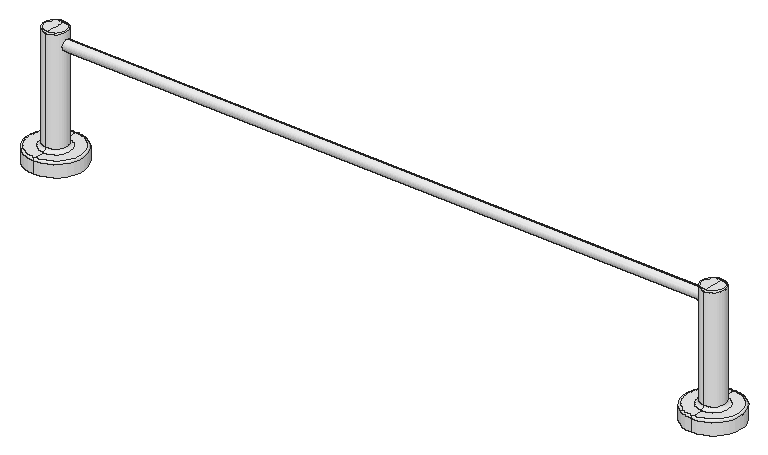
Revit family "TOwel_Bar-American_Standard-CR_Series-8336_Series", category Specialty Equipment, host Face, Revit 2019
Family settings
  Host = Face
  Round Connector Dimension = Use Diameter
  Part Type = Normal
  OmniClass Number = 23.40.20.21.27
  OmniClass Title = Towel Bars
  Cut with Voids When Loaded = No
  Shared = Yes
  Room Calculation Point = No
Parameters (values of type "8336.024")
  Width = 23.99808"
  Warranty Information = "1 Year Warranty"
  URL = "http://www.americanstandard-us.com"
  Type Comments = ""
  Revised Date = "04/01/2021"  # constant formula
  Product Page URL = "https://www.americanstandard-us.com/bathroom/bathroom-accessories/cr-series-24-inch-towel-bar-23030"
  Product Documentation Link = "https://www.americanstandard-us.com/-/media/sites/asus/files/product-specs/bulk/specsheet8336024.pdf?la=en"
  Price = "Prices may vary. Please consult Manufacturer Representative for most up-to-date price list."  # constant formula
  Model = "8336.024"
  Material = "Metal-American Standard-002-Polished Chrome"
  Manufacturer = "American Standard"
  Length = 4 3/8"
  Installation Type = "Wall Mounted"
  Installation Instruction Link = "https://www.americanstandard-us.com/-/media/sites/asus/files/product-instruction-manuals/bulk/installation8336018.pdf?la=en"
  Height = 2"
  Finish = Metal-American Standard-002-Polished Chrome
  Description = "CR Series 24\" Towel Bar."
  Default Elevation = 40"
  Creation Date = "04/04/2014"
  Assembly Code = "C1030220"
Types (3): name | Width | Product Page URL | Product Documentation Link | Model | Installation Instruction Link | Description
  (no name) | 23.99808" | "https://www.americanstandard-us.com/bathroom/bathroom-accessories/cr-series-24-inch-towel-bar-23030" | "https://www.americanstandard-us.com/-/media/sites/asus/files/product-specs/bulk/specsheet8336024.pdf?la=en" | "8336.024" | "https://www.americanstandard-us.com/-/media/sites/asus/files/product-instruction-manuals/bulk/installation8336018.pdf?la=en" | "CR Series 24\" Towel Bar."
  8336.018 | 18" | "https://www.americanstandard-us.com/bathroom/bathroom-accessories/cr-series-18-inch-towel-bar-23027" | "https://www.americanstandard-us.com/-/media/sites/asus/files/product-specs/bulk/specsheet8336018.pdf?la=en" | "8336.018" | "" | "CR Series 18\" Towel Bar."
  8336.024 | 23.99808" | "https://www.americanstandard-us.com/bathroom/bathroom-accessories/cr-series-24-inch-towel-bar-23030" | "https://www.americanstandard-us.com/-/media/sites/asus/files/product-specs/bulk/specsheet8336024.pdf?la=en" | "8336.024" | "https://www.americanstandard-us.com/-/media/sites/asus/files/product-instruction-manuals/bulk/installation8336018.pdf?la=en" | "CR Series 24\" Towel Bar."
Reference planes (in)
  plane 1 "Center (Front/Back)": y = 0
  plane 2: z = 0
  plane 3 "Center (Left/Right)": x = 0
  plane 4 "Floor Level": y = -40
  plane 5: y = 1
  plane 6: y = -1
  plane 7: x = -11.99904
  plane 8: x = 11.99904
  plane 9: z = 3.93395
Forms (in)
  Revolve 1, solid, material "Metal-American Standard-002-Polished Chrome" <- "Finish"
    sketch origin (-11.99904, 0, 0) x (0, 0, -1) y (0, -1, 0)
      loop
        line (0, 0) -> (-0.5, 0) -> (-4.375, 0) -> (-4.375, -0.38492)
        arc (-4.375, -0.38492) -> (-4.36646, -0.40553) -> (-4.34585, -0.41406) r 0.02915
        line (-4.34585, -0.41406) -> (-0.61801, -0.41406)
        arc (-0.61801, -0.41406) -> (-0.53456, -0.44863) -> (-0.5, -0.53207) r 0.11801
        line (-0.5, -0.53207) -> (-0.5, -0.93342)
        arc (-0.5, -0.93342) -> (-0.4805, -0.9805) -> (-0.43342, -1) r 0.06658
        line (-0.43342, -1) -> (0, -1) -> (0, 0)
      axis (-4.375, 0) -> (0, 0)
    angle from 0 to 360
  Revolve 2, solid, material "Metal-American Standard-002-Polished Chrome" <- "Finish"
    sketch origin (0, 0, 0) x (1, 0, 0) y (0, 0, -1)
      loop
        line (-11.99904, -4.1179) -> (11.99904, -4.1179) -> (11.99904, -3.93395) -> (-11.99904, -3.93395) -> (-11.99904, -4.1179)
      axis (11.99904, -3.93395) -> (-11.99904, -3.93395)
    angle from 0 to 360
  Revolve 3, solid, material "Metal-American Standard-002-Polished Chrome" <- "Finish"
    sketch origin (11.99904, 0, 0) x (0, 0, -1) y (0, 1, 0)
      loop
        line (0, 0) -> (0, 1) -> (-0.43342, 1)
        arc (-0.43342, 1) -> (-0.4805, 0.9805) -> (-0.5, 0.93342) r 0.06658
        line (-0.5, 0.93342) -> (-0.5, 0.53207)
        arc (-0.5, 0.53207) -> (-0.53456, 0.44863) -> (-0.61801, 0.41406) r 0.11801
        line (-0.61801, 0.41406) -> (-4.34585, 0.41406)
        arc (-4.34585, 0.41406) -> (-4.36646, 0.40553) -> (-4.375, 0.38492) r 0.02915
        line (-4.375, 0.38492) -> (-4.375, 0) -> (-0.5, 0) -> (0, 0)
      axis (-4.375, 0) -> (0, 0)
    angle from 0 to 360
Cuts and joins
  joined: Revolve 1, Revolve 2, Revolve 3
Lines and regions (in)
  Masking region 1
    outline origin (0, 0, 0) x (1, 0, 0) y (0, 0, 1)
      loop
        line (-10.99904, 0) -> (-10.99904, 0.5) -> (-11.49904, 0.5)
        arc (-11.49904, 0.5) -> (-11.55771, 0.55239) -> (-11.58688, 0.62544) r 0.17172
        line (-11.58688, 0.62544) -> (-11.58688, 3.73818) -> (11.58688, 3.73818) -> (11.58688, 0.62544)
        arc (11.58688, 0.62544) -> (11.55771, 0.55239) -> (11.49904, 0.5) r 0.17172
        line (11.49904, 0.5) -> (10.99904, 0.5) -> (10.99904, 0) -> (12.99904, 0) -> (12.99904, 0.5) -> (12.49904, 0.5)
        arc (12.49904, 0.5) -> (12.44217, 0.54164) -> (12.41103, 0.60488) r 0.14786
        line (12.41103, 0.60488) -> (12.41103, 4.38611) -> (11.56133, 4.38611) -> (11.56133, 4.13611) -> (-11.56133, 4.13611) -> (-11.56133, 4.38611) -> (-12.41103, 4.38611) -> (-12.41103, 0.60488)
        arc (-12.41103, 0.60488) -> (-12.44217, 0.54164) -> (-12.49904, 0.5) r 0.14786
        line (-12.49904, 0.5) -> (-12.99904, 0.5) -> (-12.99904, 0) -> (-10.99904, 0)
  symbolic lines, detail levels medium+fine
    curve 1: arc (-11.56133, 0, 4.13611) -> (-11.61487, 0, 3.93976) -> (-11.58688, 0, 3.73818) r 0.50695
    curve 2: arc (11.56133, 0, 4.13611) -> (11.62879, 0, 3.94065) -> (11.58688, 0, 3.73818) r 0.39008
    curve 3: line (-12.49904, 0, 0.5) -> (-11.49904, 0, 0.5)
    curve 4: line (11.49904, 0, 0.5) -> (12.49904, 0, 0.5)
Dimensions and locks (in)
  "Default Elevation": plane 4 "Floor Level" to plane 1 "Center (Front/Back)"
  locked: plane 6 to plane 5 at 2
  equal spacing: plane 7, plane 3 "Center (Left/Right)", plane 8
  "Width": plane 7 to plane 8
  locked: level to plane 9 at 3.93395
  aligned and locked: plane 2 to host face
  aligned and locked: level to host face
  aligned and locked: plane 7 to Revolve 2
  aligned and locked: plane 8 to Revolve 2
  aligned and locked: plane 8 to Revolve 3
  aligned and locked: plane 7 to Revolve 1
  aligned and locked: Revolve 2 sketch curve to plane 9
  aligned and locked: Revolve 2 sketch curve to plane 1 "Center (Front/Back)"
Automatic sketch dimensions
  host sketch curve to host sketch curve = 96"  (x2)
  Revolve 1 sketch curve to plane 1 "Center (Front/Back)" = 0"  (x2)
  Revolve 1 sketch curve to plane 5 = 0"
  Revolve 1 sketch curve to level = 0"
  level to Revolve 1 sketch curve = 0.61801"
  plane 5 to Revolve 1 sketch curve = 0.06658"
  Revolve 1 sketch curve to Revolve 1 sketch curve = 0.11801"  (x2)
  Revolve 1 sketch curve to Revolve 1 sketch curve = 1/4"
  level to Revolve 1 sketch curve = 0.10423"
  Revolve 1 sketch curve to Revolve 1 sketch curve = 0.40135"
  Revolve 2 sketch curve to Revolve 2 sketch curve = 0.18395"
  Revolve 3 sketch curve to plane 1 "Center (Front/Back)" = 0"  (x2)
  Revolve 3 sketch curve to plane 5 = 0"
  Revolve 3 sketch curve to level = 0"
  level to Revolve 3 sketch curve = 0.61801"
  plane 5 to Revolve 3 sketch curve = 0.06658"
  Revolve 3 sketch curve to Revolve 3 sketch curve = 0.11801"  (x2)
  Revolve 3 sketch curve to Revolve 3 sketch curve = 1/4"
  level to Revolve 3 sketch curve = 0.10423"
  Revolve 3 sketch curve to Revolve 3 sketch curve = 0.38492"
  Revolve 2 sketch curve to plane 3 "Center (Left/Right)" = 11.99904"
  plane 3 "Center (Left/Right)" to Revolve 2 sketch curve = 11.99904"
  Revolve 2 sketch curve to Revolve 2 sketch curve = 0.91097"
  Revolve 2 sketch curve to Revolve 2 sketch curve = 1/4"
  Revolve 1 sketch curve to plane 1 "Center (Front/Back)" = 0.38492"
  Revolve 1 sketch curve to Revolve 1 sketch curve = 3.72785"
  Revolve 2 sketch curve to Revolve 2 sketch curve = 0"
  Revolve 3 sketch curve to Revolve 3 sketch curve = 3.72785"
  Revolve 3 sketch curve to Revolve 3 sketch curve = 0.02915"
  Masking region 1 sketch curve to level = 0"  (x2)
  plane 7 to Masking region 1 sketch curve = 1"
  Masking region 1 sketch curve to Masking region 1 sketch curve = 0.44361"
  Masking region 1 sketch curve to Masking region 1 sketch curve = 0.05639"  (x2)
  plane 7 to Masking region 1 sketch curve = 0.412"
  Masking region 1 sketch curve to plane 7 = 0.41216"
  Masking region 1 sketch curve to Masking region 1 sketch curve = 0.02555"  (x2)
  Masking region 1 sketch curve to Masking region 1 sketch curve = 0.08784"
  Masking region 1 sketch curve to Masking region 1 sketch curve = 0.08199"  (x2)
  Masking region 1 sketch curve to Masking region 1 sketch curve = 1/2"  (x5)
  level to Masking region 1 sketch curve = 1/2"
  plane 8 to Masking region 1 sketch curve = 1"
  Masking region 1 sketch curve to Masking region 1 sketch curve = 0.41801"
  plane 8 to Masking region 1 sketch curve = 0.43771"
  Masking region 1 sketch curve to plane 8 = 0.412"
  Masking region 1 sketch curve to Masking region 1 sketch curve = 0.088"
  Masking region 1 sketch curve to Masking region 1 sketch curve = 0.10488"  (x2)
  Masking region 1 sketch curve to Masking region 1 sketch curve = 0.12544"  (x2)
  Masking region 1 sketch curve to Masking region 1 sketch curve = 3.0873"
  Masking region 1 sketch curve to Masking region 1 sketch curve = 0.39793"
  Masking region 1 sketch curve to Masking region 1 sketch curve = 1/4"  (x2)
  curve 1 to plane 7 = 0.89008"
  plane 8 to curve 2 = 0.75953"
  level to curve 1 = 3.90728"
  level to curve 2 = 3.91566"
  curve 3 to plane 7 = 1/2"
  curve 1 to plane 7 = 0.43771"
  curve 1 to curve 1 = 0.02555"
  plane 7 to curve 3 = 1/2"
  plane 8 to curve 4 = 1/2"
  curve 2 to curve 2 = 0.32181"
  curve 2 to curve 2 = 0.34736"
  curve 4 to plane 8 = 1/2"
  curve 2 to curve 2 = 0.17748"
  curve 1 to curve 1 = 0.1691"
  level to curve 4 = 1/2"
  level to curve 3 = 1/2"
